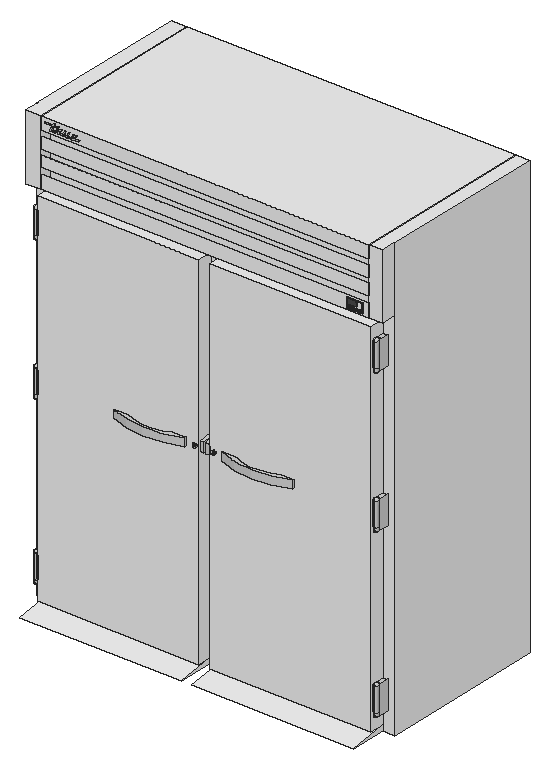
Revit family
Parameters
  Weight in Pounds = 0
  Watts = Volts * FL Amps  # 920 W
  Volts = 115 V
  URL Cutsheet = "www.truemfg.com"
  URL = "www.truemfg.com"
  Type Mark [instance] = ""
  Type Comments = ""
  Status [instance] = ""
  Specification by User [instance] = ""
  Specification by Manufacturer = ""
  Show Logo [instance] = yes
  Show Clearance [instance] = yes
  Serial Number = ""
  Seismic Rating = ""
  SMACNA No = ""
  Revision Code [instance] = ""
  Phase = 1
  Omniclass Number and Title = ""
  Number of Poles [instance] = 1
  NAFEM Spec ID Number = ""
  Model = "STA2FRI-2S"
  Min Ckt Ampacity = 0 A
  Max Overcurrent Protection = 0 A
  Masterspec = ""
  Manufacturer = "TRUE FOOD SERVICE EQUIPMENT, INC."
  Length = 68"
  Item Number [instance] = ""
  Installed By [instance] = ""
  Identify Quantity as Lot [instance] = yes
  Height = 83 3/4"
  HP = "1 1/5"
  Furnished By [instance] = ""
  Foodservice Equipment Identifier [instance] = yes
  FL Amps = 8 A
  Electrical Remarks [instance] = ""
  Electric Connection Type [instance] = ""
  Elec Conn RI Height [instance] = 0"
  Elec Conn Connection Height [instance] = 0"
  Description = "Roll-in Solid Swing Door Freezer"
  Depth = 34 3/4"
  Cycle = 60 Hz
  Conn Plug = "14-20P"
  Conn Conduit = yes
  CSI MasterFormat = ""
  CSI Master Format = ""
  Apparent Power = if(Phase = 3, Volts * FL Amps * 1.73, Volts * FL Amps)  # 920 VA
Reference planes (in)
  plane 1 "BACK": y = 0
  plane 2: z = 0
  plane 3 "LEFT": x = 0
  plane 4 "RIGHT": x = 68
  plane 5 "FRONT": y = -34.75
  plane 6 "TOP": z = 83.75
  plane 7: x = 2.84375
  plane 8: y = -34.7042
  plane 9: x = 34
  plane 10: z = 69.90625
Forms (in)
  Extrusion 1, solid, material "QF_Finishes_Chrome - Satin"
    sketch origin (0.05, 0, 0) x (1, 0, 0) y (0, 1, 0)
      loop
        line (-0.05, 0) -> (-0.05, -32) -> (2.87859, -32) -> (2.87859, 0) -> (-0.05, 0)
    from 0 to 83.75
  Extrusion 2, solid, material "QF_Finishes_Chrome - Satin"
    sketch origin (50.15, 0, 0) x (1, 0, 0) y (0, 1, 0)
      loop
        line (15.15, 0) -> (15.15, -32) -> (17.85, -32) -> (17.85, 0) -> (15.15, 0)
    from 0 to 83.75
  Extrusion 3, solid, material "QF_Finishes_Chrome - Satin"
    sketch origin (0, 0, 0) x (0, 1, 0) y (0, 0, 1)
      loop
        line (-34.7042, 71.28125) -> (-32, 71.28125) -> (-32, 0) -> (0, 0) -> (0, 83.75) -> (-34.7042, 83.75) -> (-34.7042, 81.40578) -> (-32.5, 79.83852) -> (-32.5, 78.71625) -> (-34.7042, 80.28351) -> (-34.7042, 78.1498) -> (-32.5, 76.58254) -> (-32.5, 75.62178) -> (-34.7042, 77.18904) -> (-34.7042, 75.09284) -> (-32.5, 73.52557) -> (-32.5, 72.25) -> (-34.7042, 73.81726) -> (-34.7042, 71.28125)
    from 2.92859 to 65.3
  Extrusion 4, solid, material "QF_Finishes_Chrome - Satin"
    sketch origin (0, 0, 0) x (1, 0, 0) y (0, 1, 0)
      loop
        line (67.84782, -32) -> (65.3, -32) -> (65.3, -34.75) -> (67.84782, -34.75) -> (67.84782, -32)
    from 71.28125 to 83.75
  Extrusion 5, solid, material "QF_Finishes_Chrome - Satin"
    sketch origin (-50.125, 0, 0.25) x (1, 0, 0) y (0, 1, 0)
      loop
        line (53.05359, -32) -> (50.24109, -32) -> (50.24109, -34.75) -> (53.05359, -34.75) -> (53.05359, -32)
    from 71.03125 to 83.5
  Extrusion 6, solid, material "QF_Finishes_Chrome - Satin"
    sketch origin (8.03125, -1, -0.71875) x (1, 0, 0) y (0, 0, 1)
      loop
        line (26.96875, 1.71875) -> (57.65625, 1.71875) -> (57.65625, 70.625) -> (26.96875, 70.625) -> (26.96875, 1.71875)
    from 31 to 33.75
  Extrusion 7, solid, material "QF_Finishes_Handrails and Railings"
    sketch origin (91.34375, -0.25, 26.43519) x (1, 0, 0) y (0, 1, 0)
      loop
        line (-53.875, -34.5) -> (-53.875, -34.7)
        arc (-53.875, -34.7) -> (-47.075, -36.14405) -> (-40.275, -34.7) r 16.7325
        line (-40.275, -34.7) -> (-40.275, -34.5) -> (-42.675, -34.5)
        arc (-42.675, -34.5) -> (-47.075, -35.65816) -> (-51.475, -34.5) r 8.93715
        line (-51.475, -34.5) -> (-53.875, -34.5)
    from 10.87731 to 12.37731
  Extrusion 8, solid, material "QF_Finishes_Handrails and Railings"
    sketch origin (9.34375, -1.08467, -2) x (1, 0, 0) y (0, 0, 1)
      loop
        circle (26.4375, 40.0625) r 0.35
      loop
        line (26.47265, 40.33635) -> (26.41715, 40.33635) -> (26.41715, 39.76895) -> (26.47265, 39.76895) -> (26.47265, 40.33635)
    from 33.5 to 33.83066
  Extrusion 9, solid, material "QF_Finishes_Handrails and Railings", visible <- "Show Logo"
    sketch origin (0.33478, 0.06376, 5.00294) x (1, 0, 0) y (0, 0, 1)
      loop
        line (3.46044, 78.08731) -> (3.35478, 77.86073) -> (4.76027, 77.86073)
        arc (4.76027, 77.86073) -> (4.78879, 77.81028) -> (4.76027, 77.75984) r 0.05887
        line (4.76027, 77.75984) -> (4.39369, 76.97372)
        arc (4.39369, 76.97372) -> (4.39051, 76.90091) -> (4.43975, 76.84717) r 0.09523
        line (4.43975, 76.84717) -> (5.33844, 76.84717)
        arc (5.33844, 76.84717) -> (5.45192, 76.88295) -> (5.52436, 76.97735) r 0.19785
        line (5.52436, 76.97735) -> (5.81285, 77.59601) -> (6.0779, 77.59601)
        arc (6.0779, 77.59601) -> (6.14744, 77.57043) -> (6.13737, 77.49703) r 0.05911
        line (6.13737, 77.49703) -> (5.89598, 76.97937)
        arc (5.89598, 76.97937) -> (5.89974, 76.8934) -> (5.97231, 76.84717) r 0.09318
        line (5.97231, 76.84717) -> (6.76198, 76.84717)
        arc (6.76198, 76.84717) -> (6.82249, 76.86919) -> (6.85468, 76.92495) r 0.09412
        arc (6.85468, 76.92495) -> (6.87746, 76.86995) -> (6.93246, 76.84717) r 0.07778
        line (6.93246, 76.84717) -> (7.43246, 76.84717)
        arc (7.43246, 76.84717) -> (7.49022, 76.86265) -> (7.53251, 76.90493) r 0.11552
        arc (7.53251, 76.90493) -> (7.55275, 76.85606) -> (7.60162, 76.83581) r 0.06912
        line (7.60162, 76.83581) -> (8.31225, 76.83581)
        arc (8.31225, 76.83581) -> (8.37034, 76.85988) -> (8.39441, 76.91797) r 0.08216
        arc (8.39441, 76.91797) -> (8.44767, 76.86472) -> (8.52042, 76.84522) r 0.14551
        line (8.52042, 76.84522) -> (9.85158, 76.84522) -> (9.99946, 77.10134) -> (8.65678, 77.10134)
        arc (8.65678, 77.10134) -> (8.61972, 77.12704) -> (8.61834, 77.17211) r 0.05009
        line (8.61834, 77.17211) -> (8.64157, 77.22192)
        arc (8.64157, 77.22192) -> (8.67723, 77.26864) -> (8.73327, 77.28635) r 0.09747
        line (8.73327, 77.28635) -> (9.16485, 77.28635)
        arc (9.16485, 77.28635) -> (9.258, 77.31131) -> (9.32619, 77.3795) r 0.1863
        line (9.32619, 77.3795) -> (9.45119, 77.59601)
        arc (9.45119, 77.59601) -> (9.45119, 77.71157) -> (9.35111, 77.76934) r 0.11556
        line (9.35111, 77.76934) -> (8.89562, 77.76934)
        arc (8.89562, 77.76934) -> (8.7795, 77.74962) -> (8.69849, 77.66412) r 0.18605
        line (8.69849, 77.66412) -> (8.48204, 77.19993)
        arc (8.48204, 77.19993) -> (8.41815, 77.11667) -> (8.31806, 77.08511) r 0.1745
        line (8.31806, 77.08511) -> (7.84559, 77.08511)
        arc (7.84559, 77.08511) -> (7.78903, 77.14684) -> (7.79268, 77.23048) r 0.10939
        line (7.79268, 77.23048) -> (8.04395, 77.76934) -> (7.88403, 77.76934) -> (7.61781, 77.19844)
        arc (7.61781, 77.19844) -> (7.56609, 77.13103) -> (7.48505, 77.10548) r 0.14128
        line (7.48505, 77.10548) -> (7.15925, 77.10548)
        arc (7.15925, 77.10548) -> (7.10419, 77.17723) -> (7.116, 77.26689) r 0.11816
        line (7.116, 77.26689) -> (7.3503, 77.76934) -> (7.18514, 77.76934) -> (6.91546, 77.191)
        arc (6.91546, 77.191) -> (6.85285, 77.12839) -> (6.76733, 77.10548) r 0.17104
        line (6.76733, 77.10548) -> (6.29555, 77.10548)
        arc (6.29555, 77.10548) -> (6.21082, 77.14499) -> (6.20267, 77.23813) r 0.0935
        line (6.20267, 77.23813) -> (6.35774, 77.57069) -> (6.57695, 77.57069)
        arc (6.57695, 77.57069) -> (6.61395, 77.68217) -> (6.69267, 77.76934) r 0.2857
        line (6.69267, 77.76934) -> (5.83605, 77.76934)
        arc (5.83605, 77.76934) -> (5.74086, 77.74824) -> (5.67498, 77.67635) r 0.16212
        line (5.67498, 77.67635) -> (5.44279, 77.17841)
        arc (5.44279, 77.17841) -> (5.3894, 77.12502) -> (5.31647, 77.10548) r 0.14586
        line (5.31647, 77.10548) -> (4.80506, 77.10548)
        arc (4.80506, 77.10548) -> (4.76514, 77.15942) -> (4.77274, 77.22609) r 0.09155
        line (4.77274, 77.22609) -> (5.11018, 77.86073) -> (5.96155, 77.86073) -> (6.06721, 78.08731) -> (5.21584, 78.08731) -> (5.32149, 78.31388) -> (5.01862, 78.31388) -> (4.91297, 78.08731) -> (3.46044, 78.08731)
      loop
        arc (8.83805, 77.56363) -> (8.80119, 77.55375) -> (8.7742, 77.52676) r 0.07373
        line (8.7742, 77.52676) -> (8.75229, 77.45936)
        arc (8.75229, 77.45936) -> (8.76245, 77.43483) -> (8.78699, 77.42466) r 0.0347
        line (8.78699, 77.42466) -> (9.15948, 77.42466)
        arc (9.15948, 77.42466) -> (9.18632, 77.43061) -> (9.20812, 77.44734) r 0.0635
        line (9.20812, 77.44734) -> (9.22624, 77.53122)
        arc (9.22624, 77.53122) -> (9.22091, 77.55368) -> (9.20009, 77.56363) r 0.02676
        line (9.20009, 77.56363) -> (8.83805, 77.56363)
    from 34.76797 to 34.83173
  Extrusion 10, solid, material "QF_Finishes_White"
    sketch origin (-22.74812, 0.0458, -7.95638) x (1, 0, 0) y (0, 0, 1)
      loop
        line (83.81732, 81.35727) -> (83.81732, 79.60996) -> (86.72357, 79.60996) -> (86.72357, 81.35727) -> (83.81732, 81.35727)
    from 34.75 to 34.76797
  Extrusion 11, solid, material "QF_Finishes_Black"
    sketch origin (-22.74812, 0.0458, -7.95638) x (1, 0, 0) y (0, 0, 1)
      loop
        line (86.78607, 81.41977) -> (83.75482, 81.41977) -> (83.75482, 79.54746) -> (86.78607, 79.54746) -> (86.78607, 81.41977)
      loop
        spline (83.95482, 79.87872) -> (83.96333, 79.86254) -> (83.98831, 79.84747) -> (84.02804, 79.83452) -> (84.07982, 79.82459) -> (84.14011, 79.81835) -> (84.20482, 79.81622) -> (84.26952, 79.81835) -> (84.32982, 79.82459) -> (84.38159, 79.83452) -> (84.42132, 79.84747) -> (84.4463, 79.86254) -> (84.45482, 79.87872)
        spline (84.45482, 79.87872) -> (84.4463, 79.89489) -> (84.42132, 79.90997) -> (84.38159, 79.92291) -> (84.32982, 79.93284) -> (84.26952, 79.93909) -> (84.20482, 79.94122) -> (84.14011, 79.93909) -> (84.07982, 79.93284) -> (84.02804, 79.92291) -> (83.98831, 79.90997) -> (83.96333, 79.89489) -> (83.95482, 79.87872)
      loop
        spline (84.65083, 79.87872) -> (84.65935, 79.86254) -> (84.68432, 79.84747) -> (84.72405, 79.83452) -> (84.77583, 79.82459) -> (84.83612, 79.81835) -> (84.90083, 79.81622) -> (84.96553, 79.81835) -> (85.02583, 79.82459) -> (85.07761, 79.83452) -> (85.11734, 79.84747) -> (85.14231, 79.86254) -> (85.15083, 79.87872)
        spline (85.15083, 79.87872) -> (85.14231, 79.89489) -> (85.11734, 79.90997) -> (85.07761, 79.92291) -> (85.02583, 79.93284) -> (84.96553, 79.93909) -> (84.90083, 79.94122) -> (84.83612, 79.93909) -> (84.77583, 79.93284) -> (84.72405, 79.92291) -> (84.68432, 79.90997) -> (84.65935, 79.89489) -> (84.65083, 79.87872)
      loop
        spline (85.40083, 79.87872) -> (85.40935, 79.86254) -> (85.43432, 79.84747) -> (85.47405, 79.83452) -> (85.52583, 79.82459) -> (85.58612, 79.81835) -> (85.65083, 79.81622) -> (85.71553, 79.81835) -> (85.77583, 79.82459) -> (85.82761, 79.83452) -> (85.86734, 79.84747) -> (85.89231, 79.86254) -> (85.90083, 79.87872)
        spline (85.90083, 79.87872) -> (85.89231, 79.89489) -> (85.86734, 79.90997) -> (85.82761, 79.92291) -> (85.77583, 79.93284) -> (85.71553, 79.93909) -> (85.65083, 79.94122) -> (85.58612, 79.93909) -> (85.52583, 79.93284) -> (85.47405, 79.92291) -> (85.43432, 79.90997) -> (85.40935, 79.89489) -> (85.40083, 79.87872)
      loop
        line (83.95481, 81.21978) -> (83.95481, 80.21978) -> (85.65433, 80.21978) -> (85.65433, 81.21978) -> (83.95481, 81.21978)
      loop
        line (86.72357, 81.35727) -> (83.81732, 81.35727) -> (83.81732, 79.60996) -> (86.72357, 79.60996) -> (86.72357, 81.35727)
      loop
        spline (86.15083, 79.87872) -> (86.15935, 79.86254) -> (86.18432, 79.84747) -> (86.22405, 79.83452) -> (86.27583, 79.82459) -> (86.33612, 79.81835) -> (86.40083, 79.81622) -> (86.46553, 79.81835) -> (86.52583, 79.82459) -> (86.57761, 79.83452) -> (86.61734, 79.84747) -> (86.64231, 79.86254) -> (86.65083, 79.87872)
        spline (86.65083, 79.87872) -> (86.64231, 79.89489) -> (86.61734, 79.90997) -> (86.57761, 79.92291) -> (86.52583, 79.93284) -> (86.46553, 79.93909) -> (86.40083, 79.94122) -> (86.33612, 79.93909) -> (86.27583, 79.93284) -> (86.22405, 79.92291) -> (86.18432, 79.90997) -> (86.15935, 79.89489) -> (86.15083, 79.87872)
    from 34.76797 to 34.80335
  Extrusion 12, solid
    sketch origin (-25.125, 0, 0) x (1, 0, 0) y (0, 0, 1)
      loop
        circle (89.875, 81.625) r 0.25
    from 0 to 0.0625
  Blend 13, solid, material "QF_Finishes_Handrails and Railings"
    base sketch origin (60.25, -1, 0) x (-1, 0, 0) y (0, 0, -1)
      loop
        line (25.25, -38.99169) -> (26, -38.99169) -> (26, -37.24169) -> (25.25, -37.24169) -> (25.25, -38.99169)
    top sketch origin (60.25, 0, 0) x (-1, 0, 0) y (0, 0, -1)
      loop
        line (26.18223, -36.6441) -> (25.25, -36.6441) -> (25.25, -39.42643) -> (26.18223, -39.42643) -> (26.18223, -36.6441)
    from 33.57883 to 32
  Extrusion 14, solid, material "QF_Finishes_Handrails and Railings"
    sketch origin (66.78125, 0, 3.5) x (0, 1, 0) y (0, 0, -1)
      loop
        line (-32, -64.17729) -> (-32, -58.86127) -> (-34.25, -58.86127) -> (-34.25, -59.57348) -> (-33.81497, -59.57348) -> (-33.81497, -63.97276)
        arc (-33.81497, -63.97276) -> (-33.75506, -64.11738) -> (-33.61044, -64.17729) r 0.20453
        line (-33.61044, -64.17729) -> (-32, -64.17729)
    from 0.17506 to 1
  Revolve 15, solid, material "QF_Finishes_Handrails and Railings"
    sketch origin (66.28125, 0, 3.5) x (0, 1, 0) y (0, 0, -1)
      loop
        line (-34.26563, -59.62689) -> (-34.67229, -59.62689) -> (-34.67229, -64.0986)
        arc (-34.67229, -64.0986) -> (-34.53722, -64.35057) -> (-34.26563, -64.43983) r 0.3848
        line (-34.26563, -64.43983) -> (-34.26563, -59.62689)
      loop
        line (-34.26563, -59.57348) -> (-34.26563, -58.67281)
        arc (-34.26563, -58.67281) -> (-34.53264, -58.75883) -> (-34.67229, -59.00212) r 0.38884
        line (-34.67229, -59.00212) -> (-34.67229, -59.57348) -> (-34.26563, -59.57348)
      axis (-34.26563, -58.67281) -> (-34.26563, -64.43983)
    angle from 0 to 360
  Extrusion 16, solid, material "QF_Finishes_Handrails and Railings"
    sketch origin (27.5, -1.07734, 3.5011) x (-1, 0, 0) y (0, 0, -1)
      loop
        line (-38.58509, -64.0986) -> (-38.1875, -64.0986) -> (-38.1875, -59.62579) -> (-38.58509, -59.62579) -> (-38.58509, -64.0986)
    from 32.81497 to 33.59495
  Extrusion 17, solid, material "QF_Finishes_Handrails and Railings"
    sketch origin (66.78125, 0, -24) x (0, 1, 0) y (0, 0, -1)
      loop
        line (-32, -64.55229) -> (-32, -59.23627) -> (-34.25, -59.23627) -> (-34.25, -59.94848) -> (-33.81497, -59.94848) -> (-33.81497, -64.34776)
        arc (-33.81497, -64.34776) -> (-33.75506, -64.49238) -> (-33.61044, -64.55229) r 0.20453
        line (-33.61044, -64.55229) -> (-32, -64.55229)
    from 0.17506 to 1
  Revolve 18, solid, material "QF_Finishes_Handrails and Railings"
    sketch origin (66.28125, 0, -24) x (0, 1, 0) y (0, 0, -1)
      loop
        line (-34.26563, -60.00189) -> (-34.67229, -60.00189) -> (-34.67229, -64.4736)
        arc (-34.67229, -64.4736) -> (-34.53722, -64.72557) -> (-34.26563, -64.81483) r 0.3848
        line (-34.26563, -64.81483) -> (-34.26563, -60.00189)
      loop
        line (-34.26563, -59.94848) -> (-34.26563, -59.04781)
        arc (-34.26563, -59.04781) -> (-34.53264, -59.13383) -> (-34.67229, -59.37712) r 0.38884
        line (-34.67229, -59.37712) -> (-34.67229, -59.94848) -> (-34.26563, -59.94848)
      axis (-34.26563, -59.04781) -> (-34.26563, -64.81483)
    angle from 0 to 360
  Extrusion 19, solid, material "QF_Finishes_Handrails and Railings"
    sketch origin (27.5, -1.07734, -23.9989) x (-1, 0, 0) y (0, 0, -1)
      loop
        line (-38.58509, -64.4736) -> (-38.1875, -64.4736) -> (-38.1875, -60.00079) -> (-38.58509, -60.00079) -> (-38.58509, -64.4736)
    from 32.81497 to 33.59495
  Extrusion 20, solid, material "QF_Finishes_Handrails and Railings"
    sketch origin (66.78125, 0, -55.5) x (0, 1, 0) y (0, 0, -1)
      loop
        line (-32, -64.55229) -> (-32, -59.23627) -> (-34.25, -59.23627) -> (-34.25, -59.94848) -> (-33.81497, -59.94848) -> (-33.81497, -64.34776)
        arc (-33.81497, -64.34776) -> (-33.75506, -64.49238) -> (-33.61044, -64.55229) r 0.20453
        line (-33.61044, -64.55229) -> (-32, -64.55229)
    from 0.17506 to 1
  Revolve 21, solid, material "QF_Finishes_Handrails and Railings"
    sketch origin (66.28125, 0, -55.5) x (0, 1, 0) y (0, 0, -1)
      loop
        line (-34.26563, -60.00189) -> (-34.67229, -60.00189) -> (-34.67229, -64.4736)
        arc (-34.67229, -64.4736) -> (-34.53722, -64.72557) -> (-34.26563, -64.81483) r 0.3848
        line (-34.26563, -64.81483) -> (-34.26563, -60.00189)
      loop
        line (-34.26563, -59.94848) -> (-34.26563, -59.04781)
        arc (-34.26563, -59.04781) -> (-34.53264, -59.13383) -> (-34.67229, -59.37712) r 0.38884
        line (-34.67229, -59.37712) -> (-34.67229, -59.94848) -> (-34.26563, -59.94848)
      axis (-34.26563, -59.04781) -> (-34.26563, -64.81483)
    angle from 0 to 360
  Extrusion 22, solid, material "QF_Finishes_Handrails and Railings"
    sketch origin (27.5, -1.07734, -55.4989) x (-1, 0, 0) y (0, 0, -1)
      loop
        line (-38.58509, -64.4736) -> (-38.1875, -64.4736) -> (-38.1875, -60.00079) -> (-38.58509, -60.00079) -> (-38.58509, -64.4736)
    from 32.81497 to 33.59495
  Extrusion 23, solid, material "QF_Finishes_Chrome - Satin"
    sketch origin (65.6875, -1, 8.03125) x (0, 0, 1) y (0, -1, 0)
      loop
        line (-8.03125, 37.875) -> (-8.03125, 31) -> (-7.03125, 31) -> (-8.03125, 37.875)
    from 0 to -30.6875
  Extrusion 24, solid, material "QF_Finishes_Chrome - Satin"
    sketch origin (59.96875, -1, -0.71875) x (-1, 0, 0) y (0, 0, -1)
      loop
        line (26.96875, -1.71875) -> (26.96875, -70.625) -> (57.65625, -70.625) -> (57.65625, -1.71875) -> (26.96875, -1.71875)
    from 31 to 33.75
  Extrusion 25, solid, material "QF_Finishes_Handrails and Railings"
    sketch origin (-23.34375, -0.25, 26.43519) x (1, 0, 0) y (0, 1, 0)
      loop
        line (53.875, -34.5) -> (51.475, -34.5)
        arc (51.475, -34.5) -> (47.075, -35.65816) -> (42.675, -34.5) r 8.93715
        line (42.675, -34.5) -> (40.275, -34.5) -> (40.275, -34.7)
        arc (40.275, -34.7) -> (47.075, -36.14405) -> (53.875, -34.7) r 16.7325
        line (53.875, -34.7) -> (53.875, -34.5)
    from 10.87731 to 12.37731
  Extrusion 26, solid, material "QF_Finishes_Handrails and Railings"
    sketch origin (58.65625, -1.08467, -2) x (-1, 0, 0) y (0, 0, -1)
      loop
        circle (26.4375, -40.0625) r 0.35
      loop
        line (26.47265, -40.33635) -> (26.47265, -39.76895) -> (26.41715, -39.76895) -> (26.41715, -40.33635) -> (26.47265, -40.33635)
    from 33.5 to 33.83066
  Blend 27, solid, material "QF_Finishes_Handrails and Railings"
    base sketch origin (7.75, -1, 0) x (1, 0, 0) y (0, 0, 1)
      loop
        line (25.25, 38.99169) -> (25.25, 37.24169) -> (26, 37.24169) -> (26, 38.99169) -> (25.25, 38.99169)
    top sketch origin (7.75, 0, 0) x (1, 0, 0) y (0, 0, 1)
      loop
        line (26.18223, 36.6441) -> (26.18223, 39.42643) -> (25.25, 39.42643) -> (25.25, 36.6441) -> (26.18223, 36.6441)
    from 33.57883 to 32
  Extrusion 28, solid, material "QF_Finishes_Handrails and Railings"
    sketch origin (1.21875, 0, 3.5) x (0, 1, 0) y (0, 0, 1)
      loop
        line (-32, 64.17729) -> (-33.61044, 64.17729)
        arc (-33.61044, 64.17729) -> (-33.75506, 64.11738) -> (-33.81497, 63.97276) r 0.20453
        line (-33.81497, 63.97276) -> (-33.81497, 59.57348) -> (-34.25, 59.57348) -> (-34.25, 58.86127) -> (-32, 58.86127) -> (-32, 64.17729)
    from 0.17506 to 1
  Revolve 29, solid, material "QF_Finishes_Handrails and Railings"
    sketch origin (1.71875, 0, 3.5) x (0, 1, 0) y (0, 0, 1)
      loop
        line (-34.26563, 59.62689) -> (-34.26563, 64.43983)
        arc (-34.26563, 64.43983) -> (-34.53722, 64.35057) -> (-34.67229, 64.0986) r 0.3848
        line (-34.67229, 64.0986) -> (-34.67229, 59.62689) -> (-34.26563, 59.62689)
      loop
        line (-34.26563, 59.57348) -> (-34.67229, 59.57348) -> (-34.67229, 59.00212)
        arc (-34.67229, 59.00212) -> (-34.53264, 58.75883) -> (-34.26563, 58.67281) r 0.38884
        line (-34.26563, 58.67281) -> (-34.26563, 59.57348)
      axis (-34.26563, 58.67281) -> (-34.26563, 64.43983)
    angle from 0 to 360
  Extrusion 30, solid, material "QF_Finishes_Handrails and Railings"
    sketch origin (40.5, -1.07734, 3.5011) x (1, 0, 0) y (0, 0, 1)
      loop
        line (-38.58509, 64.0986) -> (-38.58509, 59.62579) -> (-38.1875, 59.62579) -> (-38.1875, 64.0986) -> (-38.58509, 64.0986)
    from 32.81497 to 33.59495
  Extrusion 31, solid, material "QF_Finishes_Handrails and Railings"
    sketch origin (1.21875, 0, -24) x (0, 1, 0) y (0, 0, 1)
      loop
        line (-32, 64.55229) -> (-33.61044, 64.55229)
        arc (-33.61044, 64.55229) -> (-33.75506, 64.49238) -> (-33.81497, 64.34776) r 0.20453
        line (-33.81497, 64.34776) -> (-33.81497, 59.94848) -> (-34.25, 59.94848) -> (-34.25, 59.23627) -> (-32, 59.23627) -> (-32, 64.55229)
    from 0.17506 to 1
  Revolve 32, solid, material "QF_Finishes_Handrails and Railings"
    sketch origin (1.71875, 0, -24) x (0, 1, 0) y (0, 0, 1)
      loop
        line (-34.26563, 60.00189) -> (-34.26563, 64.81483)
        arc (-34.26563, 64.81483) -> (-34.53722, 64.72557) -> (-34.67229, 64.4736) r 0.3848
        line (-34.67229, 64.4736) -> (-34.67229, 60.00189) -> (-34.26563, 60.00189)
      loop
        line (-34.26563, 59.94848) -> (-34.67229, 59.94848) -> (-34.67229, 59.37712)
        arc (-34.67229, 59.37712) -> (-34.53264, 59.13383) -> (-34.26563, 59.04781) r 0.38884
        line (-34.26563, 59.04781) -> (-34.26563, 59.94848)
      axis (-34.26563, 59.04781) -> (-34.26563, 64.81483)
    angle from 0 to 360
  Extrusion 33, solid, material "QF_Finishes_Handrails and Railings"
    sketch origin (40.5, -1.07734, -23.9989) x (1, 0, 0) y (0, 0, 1)
      loop
        line (-38.58509, 64.4736) -> (-38.58509, 60.00079) -> (-38.1875, 60.00079) -> (-38.1875, 64.4736) -> (-38.58509, 64.4736)
    from 32.81497 to 33.59495
  Extrusion 34, solid, material "QF_Finishes_Handrails and Railings"
    sketch origin (1.21875, 0, -55.5) x (0, 1, 0) y (0, 0, 1)
      loop
        line (-32, 64.55229) -> (-33.61044, 64.55229)
        arc (-33.61044, 64.55229) -> (-33.75506, 64.49238) -> (-33.81497, 64.34776) r 0.20453
        line (-33.81497, 64.34776) -> (-33.81497, 59.94848) -> (-34.25, 59.94848) -> (-34.25, 59.23627) -> (-32, 59.23627) -> (-32, 64.55229)
    from 0.17506 to 1
  Revolve 35, solid, material "QF_Finishes_Handrails and Railings"
    sketch origin (1.71875, 0, -55.5) x (0, 1, 0) y (0, 0, 1)
      loop
        line (-34.26563, 60.00189) -> (-34.26563, 64.81483)
        arc (-34.26563, 64.81483) -> (-34.53722, 64.72557) -> (-34.67229, 64.4736) r 0.3848
        line (-34.67229, 64.4736) -> (-34.67229, 60.00189) -> (-34.26563, 60.00189)
      loop
        line (-34.26563, 59.94848) -> (-34.67229, 59.94848) -> (-34.67229, 59.37712)
        arc (-34.67229, 59.37712) -> (-34.53264, 59.13383) -> (-34.26563, 59.04781) r 0.38884
        line (-34.26563, 59.04781) -> (-34.26563, 59.94848)
      axis (-34.26563, 59.04781) -> (-34.26563, 64.81483)
    angle from 0 to 360
  Extrusion 36, solid, material "QF_Finishes_Handrails and Railings"
    sketch origin (40.5, -1.07734, -55.4989) x (1, 0, 0) y (0, 0, 1)
      loop
        line (-38.58509, 64.4736) -> (-38.58509, 60.00079) -> (-38.1875, 60.00079) -> (-38.1875, 64.4736) -> (-38.58509, 64.4736)
    from 32.81497 to 33.59495
  Extrusion 37, solid, material "QF_Finishes_Chrome - Satin"
    sketch origin (2.3125, -1, 8.03125) x (0, 0, 1) y (0, 1, 0)
      loop
        line (-8.03125, -37.875) -> (-7.03125, -31) -> (-8.03125, -31) -> (-8.03125, -37.875)
    from 0 to -30.6875
  Extrusion 38, solid, material "QF_Finishes_Door Clearance", visible <- "Show Clearance", detail levels coarse
    sketch origin (32.71875, -1, 1) x (0, 1, 0) y (1, 0, 0)
      loop
        line (-33.75, -30.40625) -> (-33.75, 0.28125)
        arc (-33.75, 0.28125) -> (-55.44934, -8.70691) -> (-64.4375, -30.40625) r 30.6875
        line (-64.4375, -30.40625) -> (-33.75, -30.40625)
      loop
        line (-33.75, 32.96875) -> (-64.4375, 32.96875)
        arc (-64.4375, 32.96875) -> (-55.44934, 11.26941) -> (-33.75, 2.28125) r 30.6875
        line (-33.75, 2.28125) -> (-33.75, 32.96875)
    from 0 to -68.90625
Cuts and joins
  joined: Extrusion 1, Extrusion 2, Extrusion 4, Extrusion 5
Lines and regions (in)
  symbolic lines
    curve 1: line (0, 0, 0) -> (68, 0, 0)
    curve 2: line (0, -34.75, 0) -> (0, 0, 0)
    curve 3: line (68, -34.75, 0) -> (0, -34.75, 0)
    curve 4: line (68, 0, 0) -> (68, -34.75, 0)
    curve 5: line (68, -32.5, 0) -> (0, -32.5, 0)
    curve 6: arc (28.13125, -34.75, 0) -> (23.73125, -35.90816, 0) -> (19.33125, -34.75, 0) r 8.93715
    curve 7: arc (16.93125, -34.95, 0) -> (23.73125, -36.39405, 0) -> (30.53125, -34.95, 0) r 16.7325
    curve 8: line (16.93125, -34.75, 0) -> (16.93125, -34.95, 0)
    curve 9: line (30.53125, -34.95, 0) -> (30.53125, -34.75, 0)
    curve 10: arc (48.66875, -34.75, 0) -> (44.26875, -35.90816, 0) -> (39.86875, -34.75, 0) r 8.93715
    curve 11: arc (37.46875, -34.95, 0) -> (44.26875, -36.39405, 0) -> (51.06875, -34.95, 0) r 16.7325
    curve 12: line (37.46875, -34.75, 0) -> (37.46875, -34.95, 0)
    curve 13: line (51.06875, -34.95, 0) -> (51.06875, -34.75, 0)
  symbolic lines, style "QF_Door Swings", visible <- "Show Clearance", detail levels coarse
    curve 14: line (2.3125, -34.75, 0) -> (2.3125, -65.4375, 0)
    curve 15: arc (33, -34.75, 0) -> (24.01184, -56.44934, 0) -> (2.3125, -65.4375, 0) r 30.6875
    curve 16: arc (65.6875, -65.4375, 0) -> (43.98816, -56.44934, 0) -> (35, -34.75, 0) r 30.6875
    curve 17: line (65.6875, -65.4375, 0) -> (65.6875, -34.75, 0)
Dimensions and locks (in)
  "Depth": plane 5 "FRONT" to plane 1 "BACK"
  plane 6 "TOP" to level = 83 3/4"  (x2)
  Extrusion 6 sketch curve to Extrusion 6 sketch curve = 30 11/16"
  Extrusion 6 to plane 1 "BACK" = 34 3/4"
  "Length": plane 3 "LEFT" to plane 4 "RIGHT"
  plane 4 "RIGHT" to plane 3 "LEFT" = 68"
  equal spacing: plane 3 "LEFT", plane 9, plane 4 "RIGHT"
  Extrusion 24 sketch curve to Extrusion 24 sketch curve = 30 11/16"
  plane 10 to level = 69 29/32"
  aligned and locked: level to plane 2
Automatic sketch dimensions
  plane 1 "BACK" to curve 1 = 0"
  curve 1 to plane 3 "LEFT" = 0"
  plane 5 "FRONT" to curve 8 = 0"
  curve 4 to plane 4 "RIGHT" = 0"
  plane 5 "FRONT" to curve 7 = 0.2"
  plane 7 to curve 7 = 14.0875"
  curve 8 to curve 6 = 2.4"
  curve 6 to curve 6 = 4.4"
  curve 7 to curve 6 = 0"
  plane 5 "FRONT" to curve 9 = 0.2"
  plane 5 "FRONT" to curve 12 = 0.2"
  curve 12 to plane 9 = 3 15/32"
  curve 12 to curve 10 = 2.4"
  curve 10 to curve 10 = 4.4"
  curve 11 to curve 10 = 0"
  plane 5 "FRONT" to curve 11 = 0.2"
  curve 5 to plane 5 "FRONT" = 2 1/4"
  curve 10 to plane 5 "FRONT" = 7.77899"
  curve 6 to plane 5 "FRONT" = 7.77899"
  curve 10 to curve 11 = 7.30945"
  curve 6 to curve 7 = 7.30945"
  Extrusion 1 sketch curve to plane 3 "LEFT" = 0"
  plane 1 "BACK" to Extrusion 1 sketch curve = 0"
  plane 7 to Extrusion 1 sketch curve = 0.08484"
  Extrusion 1 sketch curve to plane 5 "FRONT" = 2 3/4"
  plane 1 "BACK" to Extrusion 2 sketch curve = 0"
  Extrusion 2 sketch curve to plane 4 "RIGHT" = 0"
  Extrusion 2 sketch curve to plane 4 "RIGHT" = 2.7"
  Extrusion 2 sketch curve to plane 5 "FRONT" = 2 3/4"
  Extrusion 3 sketch curve to plane 8 = 0"  (x4)
  Extrusion 3 sketch curve to level = 0"
  Extrusion 3 sketch curve to plane 6 "TOP" = 0"
  plane 8 to Extrusion 3 sketch curve = 2.2042"  (x2)
  Extrusion 3 sketch curve to Extrusion 3 sketch curve = 0"
  Extrusion 3 sketch curve to Extrusion 3 sketch curve = 1/2"
  plane 1 "BACK" to Extrusion 3 sketch curve = 0"
  Extrusion 3 sketch curve to plane 6 "TOP" = 12 15/32"
  Extrusion 3 sketch curve to Extrusion 3 sketch curve = 31/32"
  Extrusion 3 sketch curve to Extrusion 3 sketch curve = 1.27557"  (x2)
  Extrusion 3 sketch curve to Extrusion 3 sketch curve = 0.29169"
  Extrusion 3 sketch curve to Extrusion 3 sketch curve = 2.0962"  (x2)
  Extrusion 3 sketch curve to Extrusion 3 sketch curve = 0.96076"  (x2)
  Extrusion 3 sketch curve to Extrusion 3 sketch curve = 2.13371"  (x2)
  Extrusion 3 sketch curve to Extrusion 3 sketch curve = 1.12227"  (x2)
  plane 5 "FRONT" to Extrusion 4 sketch curve = 0"
  Extrusion 4 sketch curve to plane 4 "RIGHT" = 2.7"
  Extrusion 4 sketch curve to plane 4 "RIGHT" = 0.15218"
  Extrusion 4 sketch curve to plane 5 "FRONT" = 2 3/4"
  plane 5 "FRONT" to Extrusion 5 sketch curve = 0"
  plane 3 "LEFT" to Extrusion 5 sketch curve = 0.11609"
  plane 7 to Extrusion 5 sketch curve = 0.08484"
  Extrusion 5 sketch curve to plane 5 "FRONT" = 2 3/4"
  Extrusion 6 sketch curve to plane 9 = 1"
  level to Extrusion 6 sketch curve = 1"
  Extrusion 6 sketch curve to plane 6 "TOP" = 13 27/32"
  plane 5 "FRONT" to Extrusion 7 sketch curve = 0"  (x2)
  Extrusion 7 sketch curve to plane 9 = 3 15/32"
  Extrusion 7 sketch curve to Extrusion 7 sketch curve = 2.4"  (x2)
  Extrusion 7 sketch curve to Extrusion 7 sketch curve = 4.4"
  Extrusion 7 sketch curve to Extrusion 7 sketch curve = 0"
  Extrusion 7 sketch curve to Extrusion 7 sketch curve = 0.2"
  Extrusion 7 sketch curve to plane 5 "FRONT" = 7.77899"
  Extrusion 7 sketch curve to Extrusion 7 sketch curve = 7.30945"
  Extrusion 8 sketch curve to plane 9 = 1.7609"
  Extrusion 8 sketch curve to Extrusion 8 sketch curve = 0.02035"
  Extrusion 8 sketch curve to Extrusion 8 sketch curve = 0.0555"
  level to Extrusion 8 sketch curve = 37.76895"
  Extrusion 8 sketch curve to Extrusion 8 sketch curve = 0.29355"
  Extrusion 8 sketch curve to Extrusion 8 sketch curve = 0.27385"
  plane 7 to Extrusion 9 sketch curve = 0.84582"
  Extrusion 9 sketch curve to Extrusion 9 sketch curve = 0.10565"  (x5)
  Extrusion 9 sketch curve to Extrusion 9 sketch curve = 1.03891"
  Extrusion 9 sketch curve to Extrusion 9 sketch curve = 0.04606"
  Extrusion 9 sketch curve to Extrusion 9 sketch curve = 0.08631"
  Extrusion 9 sketch curve to Extrusion 9 sketch curve = 0.33624"
  Extrusion 9 sketch curve to Extrusion 9 sketch curve = 0.03034"  (x2)
  Extrusion 9 sketch curve to Extrusion 9 sketch curve = 0.29274"
  Extrusion 9 sketch curve to Extrusion 9 sketch curve = 0.03232"
  Extrusion 9 sketch curve to Extrusion 9 sketch curve = 0.04851"
  Extrusion 9 sketch curve to plane 6 "TOP" = 0.65975"
  Extrusion 9 sketch curve to Extrusion 9 sketch curve = 0.1527"
  Extrusion 9 sketch curve to plane 6 "TOP" = 0.43317"
  Extrusion 9 sketch curve to Extrusion 9 sketch curve = 0.19721"
  Extrusion 9 sketch curve to Extrusion 9 sketch curve = 0.4629"
  Extrusion 9 sketch curve to Extrusion 9 sketch curve = 0.02197"
  Extrusion 9 sketch curve to Extrusion 9 sketch curve = 0.12632"
  Extrusion 9 sketch curve to Extrusion 9 sketch curve = 0.18591"
  Extrusion 9 sketch curve to plane 6 "TOP" = 1.0707"
  Extrusion 9 sketch curve to Extrusion 9 sketch curve = 0.2322"
  Extrusion 9 sketch curve to Extrusion 9 sketch curve = 0.13786"
  Extrusion 9 sketch curve to Extrusion 9 sketch curve = 0.00907"
  Extrusion 9 sketch curve to Extrusion 9 sketch curve = 0.01413"
  Extrusion 9 sketch curve to Extrusion 9 sketch curve = 0.37162"
  Extrusion 9 sketch curve to plane 6 "TOP" = 0.88633"
  Extrusion 9 sketch curve to Extrusion 9 sketch curve = 0.12551"
  Extrusion 9 sketch curve to Extrusion 9 sketch curve = 0.07633"
  Extrusion 9 sketch curve to Extrusion 9 sketch curve = 0.08445"
  Extrusion 9 sketch curve to Extrusion 9 sketch curve = 0.25598"
  Extrusion 9 sketch curve to Extrusion 9 sketch curve = 0.01887"
  Extrusion 9 sketch curve to Extrusion 9 sketch curve = 0.04061"
  Extrusion 9 sketch curve to plane 6 "TOP" = 1.50892"
  Extrusion 9 sketch curve to Extrusion 9 sketch curve = 0.0653"
  Extrusion 9 sketch curve to Extrusion 9 sketch curve = 0.08474"
  Extrusion 9 sketch curve to Extrusion 9 sketch curve = 0.00815"
  Extrusion 9 sketch curve to Extrusion 9 sketch curve = 0.22037"
  Extrusion 9 sketch curve to Extrusion 9 sketch curve = 0.21921"
  Extrusion 9 sketch curve to Extrusion 9 sketch curve = 0.11572"
  Extrusion 9 sketch curve to Extrusion 9 sketch curve = 0.46643"
  Extrusion 9 sketch curve to Extrusion 9 sketch curve = 0.00535"
  Extrusion 9 sketch curve to Extrusion 9 sketch curve = 0.09269"
  Extrusion 9 sketch curve to Extrusion 9 sketch curve = 0.09348"
  Extrusion 9 sketch curve to Extrusion 9 sketch curve = 0.14812"
  Extrusion 9 sketch curve to Extrusion 9 sketch curve = 0.07778"
  Extrusion 9 sketch curve to Extrusion 9 sketch curve = 0.20054"
  Extrusion 9 sketch curve to Extrusion 9 sketch curve = 0.04325"
  Extrusion 9 sketch curve to plane 6 "TOP" = 0.97771"  (x2)
  Extrusion 9 sketch curve to Extrusion 9 sketch curve = 0.32433"
  Extrusion 9 sketch curve to Extrusion 9 sketch curve = 0.10233"  (x2)
  Extrusion 9 sketch curve to Extrusion 9 sketch curve = 0.16515"
  Extrusion 9 sketch curve to Extrusion 9 sketch curve = 0.27321"
  Extrusion 9 sketch curve to Extrusion 9 sketch curve = 0.0526"
  Extrusion 9 sketch curve to Extrusion 9 sketch curve = 0.10005"
  Extrusion 9 sketch curve to Extrusion 9 sketch curve = 0.06912"
  Extrusion 9 sketch curve to Extrusion 9 sketch curve = 0.13276"
  Extrusion 9 sketch curve to plane 6 "TOP" = 1.51658"
  Extrusion 9 sketch curve to Extrusion 9 sketch curve = 0.17486"
  Extrusion 9 sketch curve to Extrusion 9 sketch curve = 0.05291"
  Extrusion 9 sketch curve to Extrusion 9 sketch curve = 0.53374"
  Extrusion 9 sketch curve to Extrusion 9 sketch curve = 0.09914"
  Extrusion 9 sketch curve to Extrusion 9 sketch curve = 0.15992"
  Extrusion 9 sketch curve to Extrusion 9 sketch curve = 0.46666"
  Extrusion 9 sketch curve to Extrusion 9 sketch curve = 0.00582"
  Extrusion 9 sketch curve to Extrusion 9 sketch curve = 0.08216"
  Extrusion 9 sketch curve to Extrusion 9 sketch curve = 0.16397"
  Extrusion 9 sketch curve to Extrusion 9 sketch curve = 0.12601"
  Extrusion 9 sketch curve to plane 6 "TOP" = 1.57494"
  Extrusion 9 sketch curve to Extrusion 9 sketch curve = 0.1363"
  Extrusion 9 sketch curve to plane 6 "TOP" = 1.52514"
  Extrusion 9 sketch curve to Extrusion 9 sketch curve = 0.02323"
  Extrusion 9 sketch curve to Extrusion 9 sketch curve = 0.03844"
  Extrusion 9 sketch curve to Extrusion 9 sketch curve = 0.0454"
  Extrusion 9 sketch curve to Extrusion 9 sketch curve = 0.05693"
  Extrusion 9 sketch curve to Extrusion 9 sketch curve = 0.0917"
  Extrusion 9 sketch curve to Extrusion 9 sketch curve = 0.01902"
  Extrusion 9 sketch curve to Extrusion 9 sketch curve = 0.02191"
  Extrusion 9 sketch curve to Extrusion 9 sketch curve = 0.0347"
  Extrusion 9 sketch curve to Extrusion 9 sketch curve = 0.06385"
  Extrusion 9 sketch curve to Extrusion 9 sketch curve = 0.02906"
  Extrusion 9 sketch curve to Extrusion 9 sketch curve = 0.02851"
  Extrusion 9 sketch curve to Extrusion 9 sketch curve = 0.29237"
  Extrusion 9 sketch curve to Extrusion 9 sketch curve = 0.00537"
  Extrusion 9 sketch curve to Extrusion 9 sketch curve = 0.0406"
  Extrusion 9 sketch curve to plane 6 "TOP" = 1.29971"
  Extrusion 9 sketch curve to Extrusion 9 sketch curve = 0.04327"
  Extrusion 9 sketch curve to Extrusion 9 sketch curve = 0.02615"
  Extrusion 9 sketch curve to plane 6 "TOP" = 1.36755"
  Extrusion 9 sketch curve to Extrusion 9 sketch curve = 0.11806"
  Extrusion 9 sketch curve to Extrusion 9 sketch curve = 0.15103"
  Extrusion 9 sketch curve to Extrusion 9 sketch curve = 0.10007"
  Extrusion 9 sketch curve to Extrusion 9 sketch curve = 0.5254"
  Extrusion 9 sketch curve to plane 6 "TOP" = 1.64572"
  Extrusion 9 sketch curve to Extrusion 9 sketch curve = 0.14787"
  Extrusion 9 sketch curve to Extrusion 9 sketch curve = 0.14537"
  Extrusion 9 sketch curve to Extrusion 9 sketch curve = 0.63134"
  Extrusion 9 sketch curve to Extrusion 9 sketch curve = 0.11061"
  Extrusion 9 sketch curve to Extrusion 9 sketch curve = 0.25876"
  Extrusion 9 sketch curve to Extrusion 9 sketch curve = 0.06767"
  Extrusion 9 sketch curve to Extrusion 9 sketch curve = 0.12655"
  Extrusion 9 sketch curve to Extrusion 9 sketch curve = 0.12242"
  Extrusion 9 sketch curve to Extrusion 9 sketch curve = 0.29684"
  Extrusion 9 sketch curve to Extrusion 9 sketch curve = 0.03938"
  Extrusion 9 sketch curve to Extrusion 9 sketch curve = 0.06046"
  Extrusion 9 sketch curve to Extrusion 9 sketch curve = 0.13266"
  Extrusion 9 sketch curve to Extrusion 9 sketch curve = 0.14279"
  Extrusion 9 sketch curve to Extrusion 9 sketch curve = 0.07293"
  Extrusion 9 sketch curve to Extrusion 9 sketch curve = 0.07764"
  Extrusion 9 sketch curve to Extrusion 9 sketch curve = 0.03794"
  Extrusion 9 sketch curve to Extrusion 9 sketch curve = 0.08552"
  Extrusion 9 sketch curve to Extrusion 9 sketch curve = 0.09296"
  Extrusion 9 sketch curve to Extrusion 9 sketch curve = 0.02781"
  Extrusion 9 sketch curve to Extrusion 9 sketch curve = 0.04799"
  Extrusion 9 sketch curve to Extrusion 9 sketch curve = 0.03054"
  Extrusion 9 sketch curve to Extrusion 9 sketch curve = 0.2589"
  Extrusion 9 sketch curve to Extrusion 9 sketch curve = 0.0674"
  Extrusion 9 sketch curve to Extrusion 9 sketch curve = 0.0324"
  Extrusion 9 sketch curve to Extrusion 9 sketch curve = 0.26185"
  Extrusion 9 sketch curve to Extrusion 9 sketch curve = 11/256"
  Extrusion 9 sketch curve to Extrusion 9 sketch curve = 0.07366"
  Extrusion 9 sketch curve to Extrusion 9 sketch curve = 0.02187"
  Extrusion 9 sketch curve to Extrusion 9 sketch curve = 0.06479"
  Extrusion 9 sketch curve to Extrusion 9 sketch curve = 0.05778"
  Extrusion 9 sketch curve to Extrusion 9 sketch curve = 0.32747"
  Extrusion 9 sketch curve to Extrusion 9 sketch curve = 0.05045"
  Extrusion 9 sketch curve to Extrusion 9 sketch curve = 29/128"
  Extrusion 10 sketch curve to plane 4 "RIGHT" = 6.9308"
  Extrusion 10 sketch curve to Extrusion 10 sketch curve = 2 29/32"
  Extrusion 10 sketch curve to plane 6 "TOP" = 12.09642"
  Extrusion 10 sketch curve to Extrusion 10 sketch curve = 1.74732"
  Extrusion 11 sketch curve to plane 4 "RIGHT" = 6.9933"
  Extrusion 11 sketch curve to Extrusion 11 sketch curve = 1/16"  (x4)
  Extrusion 11 sketch curve to Extrusion 11 sketch curve = 0.1375"  (x3)
  Extrusion 11 sketch curve to Extrusion 11 sketch curve = 1/4"  (x4)
  Extrusion 11 sketch curve to Extrusion 11 sketch curve = 0.44601"
  Extrusion 11 sketch curve to Extrusion 11 sketch curve = 1/2"  (x2)
  Extrusion 11 sketch curve to Extrusion 11 sketch curve = 0.0035"
  Extrusion 11 sketch curve to Extrusion 11 sketch curve = 1.06923"
  Extrusion 11 sketch curve to plane 6 "TOP" = 12.15892"
  Extrusion 11 sketch curve to Extrusion 11 sketch curve = 0.26876"  (x2)
  Extrusion 11 sketch curve to Extrusion 11 sketch curve = 0"  (x2)
  Extrusion 11 sketch curve to Extrusion 11 sketch curve = 0.34106"
  Extrusion 11 sketch curve to Extrusion 11 sketch curve = 1"
  Extrusion 12 sketch curve to plane 4 "RIGHT" = 3 1/4"
  Extrusion 12 sketch curve to plane 6 "TOP" = 2 1/8"
  Blend 13 sketch curve to plane 9 = 1"
  Blend 13 sketch curve to plane 9 = 1/4"
  level to Blend 13 sketch curve = 38.99169"
  Blend 13 sketch curve to Blend 13 sketch curve = 1 3/4"
  plane 9 to Blend 13 sketch curve = 1"
  plane 9 to Blend 13 sketch curve = 0.06777"
  Blend 13 sketch curve to level = 36.6441"
  Blend 13 sketch curve to Blend 13 sketch curve = 2.78233"
  Extrusion 14 sketch curve to plane 5 "FRONT" = 1/2"
  Extrusion 14 sketch curve to Extrusion 14 sketch curve = 0.43503"
  Extrusion 14 sketch curve to Extrusion 14 sketch curve = 0.20453"
  Extrusion 14 sketch curve to Extrusion 14 sketch curve = 1.61044"
  Extrusion 14 sketch curve to plane 6 "TOP" = 16.07271"
  Extrusion 14 sketch curve to Extrusion 14 sketch curve = 4.39928"
  Extrusion 14 sketch curve to Extrusion 14 sketch curve = 0.71221"
  Revolve 15 sketch curve to plane 5 "FRONT" = 0.07771"  (x2)
  Revolve 15 sketch curve to Revolve 15 sketch curve = 0.38242"
  Revolve 15 sketch curve to Revolve 15 sketch curve = 0.38436"
  Revolve 15 sketch curve to plane 5 "FRONT" = 31/64"
  Revolve 15 sketch curve to Revolve 15 sketch curve = 0.40666"
  Revolve 15 sketch curve to Revolve 15 sketch curve = 0"
  Revolve 15 sketch curve to plane 6 "TOP" = 15.25492"
  Revolve 15 sketch curve to Revolve 15 sketch curve = 0.55526"
  Revolve 15 sketch curve to Revolve 15 sketch curve = 0.19474"
  Revolve 15 sketch curve to Revolve 15 sketch curve = 0.14649"
  Revolve 15 sketch curve to Revolve 15 sketch curve = 4.42889"
  Revolve 15 sketch curve to Revolve 15 sketch curve = 0.05342"
  Revolve 15 sketch curve to Revolve 15 sketch curve = 0.51246"
  Revolve 15 sketch curve to Revolve 15 sketch curve = 0.05889"
  Extrusion 16 sketch curve to plane 4 "RIGHT" = 1.91491"
  Extrusion 16 sketch curve to Extrusion 16 sketch curve = 0.39759"
  Extrusion 16 sketch curve to plane 6 "TOP" = 16.1503"
  Extrusion 16 sketch curve to Extrusion 16 sketch curve = 4.47281"
  Extrusion 17 sketch curve to plane 5 "FRONT" = 1/2"
  Extrusion 17 sketch curve to Extrusion 17 sketch curve = 0.43503"
  Extrusion 17 sketch curve to Extrusion 17 sketch curve = 0.20453"
  Extrusion 17 sketch curve to Extrusion 17 sketch curve = 1.61044"
  level to Extrusion 17 sketch curve = 40.55229"
  Extrusion 17 sketch curve to Extrusion 17 sketch curve = 4.39928"
  Extrusion 17 sketch curve to Extrusion 17 sketch curve = 0.71221"
  Revolve 18 sketch curve to plane 5 "FRONT" = 0.07771"  (x2)
  Revolve 18 sketch curve to Revolve 18 sketch curve = 0.38242"
  Revolve 18 sketch curve to Revolve 18 sketch curve = 0.38436"
  Revolve 18 sketch curve to plane 5 "FRONT" = 31/64"
  Revolve 18 sketch curve to Revolve 18 sketch curve = 0.40666"
  Revolve 18 sketch curve to Revolve 18 sketch curve = 0"
  level to Revolve 18 sketch curve = 41.37008"
  Revolve 18 sketch curve to Revolve 18 sketch curve = 0.55526"
  Revolve 18 sketch curve to Revolve 18 sketch curve = 0.19474"
  Revolve 18 sketch curve to Revolve 18 sketch curve = 0.14649"
  Revolve 18 sketch curve to Revolve 18 sketch curve = 4.42889"
  Revolve 18 sketch curve to Revolve 18 sketch curve = 0.05342"
  Revolve 18 sketch curve to Revolve 18 sketch curve = 0.51246"
  Revolve 18 sketch curve to Revolve 18 sketch curve = 0.05889"
  Extrusion 19 sketch curve to plane 4 "RIGHT" = 1.91491"
  Extrusion 19 sketch curve to Extrusion 19 sketch curve = 0.39759"
  level to Extrusion 19 sketch curve = 40.4747"
  Extrusion 19 sketch curve to Extrusion 19 sketch curve = 4.47281"
  Extrusion 20 sketch curve to plane 5 "FRONT" = 1/2"
  Extrusion 20 sketch curve to Extrusion 20 sketch curve = 0.43503"
  Extrusion 20 sketch curve to Extrusion 20 sketch curve = 0.20453"
  Extrusion 20 sketch curve to Extrusion 20 sketch curve = 1.61044"
  level to Extrusion 20 sketch curve = 9.05229"
  Extrusion 20 sketch curve to Extrusion 20 sketch curve = 4.39928"
  Extrusion 20 sketch curve to Extrusion 20 sketch curve = 0.71221"
  Revolve 21 sketch curve to plane 5 "FRONT" = 0.07771"  (x2)
  Revolve 21 sketch curve to Revolve 21 sketch curve = 0.38242"
  Revolve 21 sketch curve to Revolve 21 sketch curve = 0.38436"
  Revolve 21 sketch curve to plane 5 "FRONT" = 31/64"
  Revolve 21 sketch curve to Revolve 21 sketch curve = 0.40666"
  Revolve 21 sketch curve to Revolve 21 sketch curve = 0"
  level to Revolve 21 sketch curve = 9.87008"
  Revolve 21 sketch curve to Revolve 21 sketch curve = 0.55526"
  Revolve 21 sketch curve to Revolve 21 sketch curve = 0.19474"
  Revolve 21 sketch curve to Revolve 21 sketch curve = 0.14649"
  Revolve 21 sketch curve to Revolve 21 sketch curve = 4.42889"
  Revolve 21 sketch curve to Revolve 21 sketch curve = 0.05342"
  Revolve 21 sketch curve to Revolve 21 sketch curve = 0.51246"
  Revolve 21 sketch curve to Revolve 21 sketch curve = 0.05889"
  Extrusion 22 sketch curve to plane 4 "RIGHT" = 1.91491"
  Extrusion 22 sketch curve to Extrusion 22 sketch curve = 0.39759"
  level to Extrusion 22 sketch curve = 8.9747"
  Extrusion 22 sketch curve to Extrusion 22 sketch curve = 4.47281"
  Extrusion 23 sketch curve to Extrusion 6 = 0"
  Extrusion 6 to Extrusion 23 sketch curve = 0"
  Extrusion 6 to Extrusion 23 sketch curve = 1"
  Extrusion 23 sketch curve to Extrusion 6 = 4 1/8"
  plane 9 to Extrusion 24 sketch curve = 1"
  Extrusion 24 sketch curve to plane 6 "TOP" = 13 27/32"
  level to Extrusion 24 sketch curve = 1"
  plane 5 "FRONT" to Extrusion 25 sketch curve = 0"  (x2)
  plane 7 to Extrusion 25 sketch curve = 14.0875"
  Extrusion 25 sketch curve to Extrusion 25 sketch curve = 2.4"  (x2)
  plane 9 to Extrusion 25 sketch curve = 10.26875"
  Extrusion 25 sketch curve to Extrusion 25 sketch curve = 0"
  plane 5 "FRONT" to Extrusion 25 sketch curve = 0.2"
  Extrusion 25 sketch curve to plane 5 "FRONT" = 7.77899"
  Extrusion 25 sketch curve to Extrusion 25 sketch curve = 7.30945"
  plane 9 to Extrusion 26 sketch curve = 1.7609"
  Extrusion 26 sketch curve to Extrusion 26 sketch curve = 0.02035"
  Extrusion 26 sketch curve to Extrusion 26 sketch curve = 0.0555"
  level to Extrusion 26 sketch curve = 38.33635"
  Extrusion 26 sketch curve to Extrusion 26 sketch curve = 0.27385"
  Extrusion 26 sketch curve to Extrusion 26 sketch curve = 0.29355"
  plane 9 to Blend 27 sketch curve = 1"  (x2)
  plane 9 to Blend 27 sketch curve = 1/4"
  level to Blend 27 sketch curve = 37.24169"
  Blend 27 sketch curve to Blend 27 sketch curve = 1 3/4"
  plane 9 to Blend 27 sketch curve = 0.06777"
  level to Blend 27 sketch curve = 36.6441"
  Blend 27 sketch curve to Blend 27 sketch curve = 2.78233"
  Extrusion 28 sketch curve to plane 5 "FRONT" = 1/2"
  Extrusion 28 sketch curve to Extrusion 28 sketch curve = 0.43503"
  Extrusion 28 sketch curve to Extrusion 28 sketch curve = 0.20453"
  Extrusion 28 sketch curve to Extrusion 28 sketch curve = 1.61044"
  Extrusion 28 sketch curve to plane 6 "TOP" = 21.38873"
  Extrusion 28 sketch curve to Extrusion 28 sketch curve = 0.71221"
  Extrusion 28 sketch curve to Extrusion 28 sketch curve = 4.39928"
  Revolve 29 sketch curve to plane 5 "FRONT" = 0.07771"  (x2)
  Revolve 29 sketch curve to Revolve 29 sketch curve = 0.38242"
  Revolve 29 sketch curve to Revolve 29 sketch curve = 0.38436"
  Revolve 29 sketch curve to plane 5 "FRONT" = 31/64"
  Revolve 29 sketch curve to Revolve 29 sketch curve = 0.40666"
  Revolve 29 sketch curve to Revolve 29 sketch curve = 0"
  Revolve 29 sketch curve to plane 6 "TOP" = 21.57719"
  Revolve 29 sketch curve to Revolve 29 sketch curve = 0.32931"
  Revolve 29 sketch curve to Revolve 29 sketch curve = 0.51246"
  Revolve 29 sketch curve to Revolve 29 sketch curve = 0.05342"
  Revolve 29 sketch curve to Revolve 29 sketch curve = 4.42889"
  Revolve 29 sketch curve to Revolve 29 sketch curve = 0.04281"
  Revolve 29 sketch curve to Revolve 29 sketch curve = 0.18929"
  Revolve 29 sketch curve to Revolve 29 sketch curve = 0.55526"
  Extrusion 30 sketch curve to plane 7 = 0.92884"
  Extrusion 30 sketch curve to Extrusion 30 sketch curve = 0.39759"
  Extrusion 30 sketch curve to plane 6 "TOP" = 20.62311"
  Extrusion 30 sketch curve to Extrusion 30 sketch curve = 4.47281"
  Extrusion 31 sketch curve to plane 5 "FRONT" = 1/2"
  Extrusion 31 sketch curve to Extrusion 31 sketch curve = 0.43503"
  Extrusion 31 sketch curve to Extrusion 31 sketch curve = 0.20453"
  Extrusion 31 sketch curve to Extrusion 31 sketch curve = 1.61044"
  level to Extrusion 31 sketch curve = 35.23627"
  Extrusion 31 sketch curve to Extrusion 31 sketch curve = 0.71221"
  Extrusion 31 sketch curve to Extrusion 31 sketch curve = 4.39928"
  Revolve 32 sketch curve to plane 5 "FRONT" = 0.07771"  (x2)
  Revolve 32 sketch curve to Revolve 32 sketch curve = 0.38242"
  Revolve 32 sketch curve to Revolve 32 sketch curve = 0.38436"
  Revolve 32 sketch curve to plane 5 "FRONT" = 31/64"
  Revolve 32 sketch curve to Revolve 32 sketch curve = 0.40666"
  Revolve 32 sketch curve to Revolve 32 sketch curve = 0"
  level to Revolve 32 sketch curve = 35.04781"
  Revolve 32 sketch curve to Revolve 32 sketch curve = 0.32931"
  Revolve 32 sketch curve to Revolve 32 sketch curve = 0.51246"
  Revolve 32 sketch curve to Revolve 32 sketch curve = 0.05342"
  Revolve 32 sketch curve to Revolve 32 sketch curve = 4.42889"
  Revolve 32 sketch curve to Revolve 32 sketch curve = 0.04281"
  Revolve 32 sketch curve to Revolve 32 sketch curve = 0.18929"
  Revolve 32 sketch curve to Revolve 32 sketch curve = 0.55526"
  Extrusion 33 sketch curve to plane 7 = 0.92884"
  Extrusion 33 sketch curve to Extrusion 33 sketch curve = 0.39759"
  level to Extrusion 33 sketch curve = 36.00189"
  Extrusion 33 sketch curve to Extrusion 33 sketch curve = 4.47281"
  Extrusion 34 sketch curve to plane 5 "FRONT" = 1/2"
  Extrusion 34 sketch curve to Extrusion 34 sketch curve = 0.43503"
  Extrusion 34 sketch curve to Extrusion 34 sketch curve = 0.20453"
  Extrusion 34 sketch curve to Extrusion 34 sketch curve = 1.61044"
  level to Extrusion 34 sketch curve = 3.73627"
  Extrusion 34 sketch curve to Extrusion 34 sketch curve = 0.71221"
  Extrusion 34 sketch curve to Extrusion 34 sketch curve = 4.39928"
  Revolve 35 sketch curve to plane 5 "FRONT" = 0.07771"  (x2)
  Revolve 35 sketch curve to Revolve 35 sketch curve = 0.38242"
  Revolve 35 sketch curve to Revolve 35 sketch curve = 0.38436"
  Revolve 35 sketch curve to plane 5 "FRONT" = 31/64"
  Revolve 35 sketch curve to Revolve 35 sketch curve = 0.40666"
  Revolve 35 sketch curve to Revolve 35 sketch curve = 0"
  level to Revolve 35 sketch curve = 3.54781"
  Revolve 35 sketch curve to Revolve 35 sketch curve = 0.32931"
  Revolve 35 sketch curve to Revolve 35 sketch curve = 0.51246"
  Revolve 35 sketch curve to Revolve 35 sketch curve = 0.05342"
  Revolve 35 sketch curve to Revolve 35 sketch curve = 4.42889"
  Revolve 35 sketch curve to Revolve 35 sketch curve = 0.04281"
  Revolve 35 sketch curve to Revolve 35 sketch curve = 0.18929"
  Revolve 35 sketch curve to Revolve 35 sketch curve = 0.55526"
  Extrusion 36 sketch curve to plane 7 = 0.92884"
  Extrusion 36 sketch curve to Extrusion 36 sketch curve = 0.39759"
  level to Extrusion 36 sketch curve = 4.50189"
  Extrusion 36 sketch curve to Extrusion 36 sketch curve = 4.47281"
  Extrusion 37 sketch curve to Extrusion 24 = 0"  (x2)
  Extrusion 24 to Extrusion 37 sketch curve = 1"
  Extrusion 37 sketch curve to Extrusion 24 = 4 1/8"
  curve 14 to plane 7 = 17/32"
  curve 14 to curve 14 = 30 11/16"
  curve 16 to plane 9 = 1"
  curve 16 to plane 4 "RIGHT" = 2 5/16"
  Extrusion 38 sketch curve to Extrusion 24 = 0"  (x3)
  Extrusion 24 to Extrusion 38 sketch curve = 0"
  Extrusion 24 to Extrusion 38 sketch curve = 30 11/16"
  Extrusion 24 to Extrusion 38 sketch curve = 2"
  radius of Extrusion 8 sketch curve = 0.35"
  radius of Extrusion 12 sketch curve = 1/4"
  radius of Extrusion 26 sketch curve = 0.35"
Connectors (in)
  electrical at (64.75, -0.0625, 81.625), driven by "Volts", driven by "Watts"
    settings: on Extrusion 12, index 1, voltage 115 V, apparent load 920 VA, apparent load phase1 0 VA, apparent load phase2 0 VA, apparent load phase3 0 VA, power factor 1, load classification "Other", number of poles 1, system type 30, power factor state 1, is connector primary yes, connector utility no, sub classification motor no, connector description "Electrical Connection"
